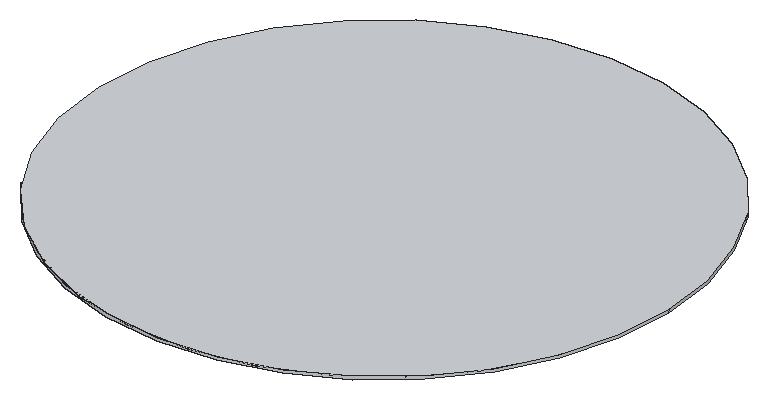
Revit family "SC-Survey_Point", category Generic Models, Revit 2016
Family settings
  Part Type = Normal
  Can host rebar = No
  Round Connector Dimension = Use Diameter
  Work Plane-Based = No
  Always vertical = Yes
  Cut with Voids When Loaded = No
  Shared = No
  Room Calculation Point = No
Parameters
  Z [instance] = 0 mm
  Radius = 200 mm
  CrossHairSize = 1000 mm
Reference planes
  plane 1 "Center (Front/Back)": y = 0
  plane 2: z = 0
  plane 3 "Center (Left/Right)": x = 0
  plane 4 "Base": z = 0
  plane 5: x = -500
  plane 6: x = 500
  plane 7: y = 500
  plane 8: y = -500
Forms (mm)
  Extrusion 1, solid
    sketch origin (0, 0, 0) x (1, 0, 0) y (0, 1, 0)
      loop
        circle (0, 0) r 200
    from -2 to 0
Lines and regions (mm)
  model lines
    curve 1: circle (0, 0, 0) r 200 normal (0, 0, 1)
    curve 2: line (0, 500, 0) -> (0, 0, 0)
    curve 3: line (-500, 0, 0) -> (0, 0, 0)
    curve 4: line (0, 0, 0) -> (500, 0, 0)
    curve 5: line (0, 0, 0) -> (0, -500, 0)
Dimensions and locks
  "Z": plane 2 to plane 4 "Base"
  equal spacing: plane 5, plane 3 "Center (Left/Right)", plane 6
  equal spacing: plane 7, plane 1 "Center (Front/Back)", plane 8
  "CrossHairSize": plane 7 to plane 8
  "CrossHairSize": plane 5 to plane 6
  "Radius": radius of Extrusion 1 sketch curve
  "Radius": radius of curve 1
  aligned and locked: level to plane 2
  aligned and locked: plane 6 to curve 4
  aligned and locked: plane 5 to curve 3
  aligned and locked: plane 8 to curve 5
  aligned and locked: plane 3 "Center (Left/Right)" to curve 4
  aligned and locked: plane 1 "Center (Front/Back)" to curve 5
Automatic sketch dimensions
  plane 1 "Center (Front/Back)" to curve 1 = 0 mm
  curve 1 to plane 3 "Center (Left/Right)" = 0 mm
  curve 2 to plane 7 = 0 mm
  plane 1 "Center (Front/Back)" to Extrusion 1 sketch curve = 0 mm
  Extrusion 1 sketch curve to plane 3 "Center (Left/Right)" = 0 mm
